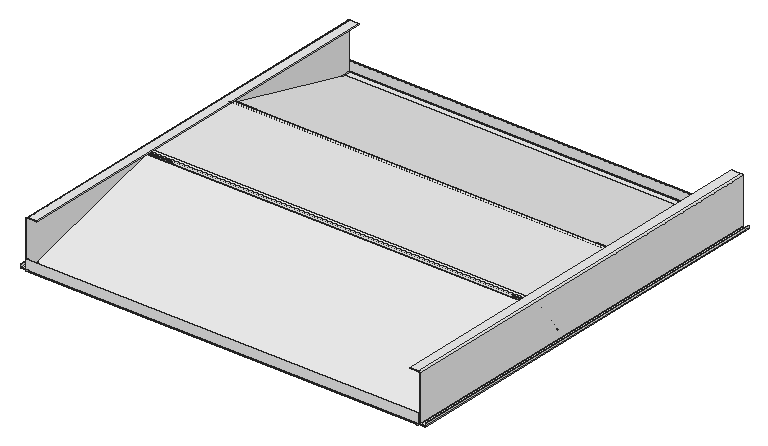
Revit family "LRTZ", category Lighting Fixtures, host Ceiling, Revit 2019
Family settings
  Host = Ceiling
  Round Connector Dimension = Use Diameter
  Part Type = Normal
  OmniClass Number = 23.80.70.11.14.17
  OmniClass Title = Direct/Indirect
  Always vertical = Yes
  Cut with Voids When Loaded = No
  Light Source = Yes
  Shared = No
  Room Calculation Point = No
Parameters (values of type "LRTZ2X2-LED840K020LUNV")
  Width = 1' - 11 3/4"
  Wattage = 21 W
  built-in parameter 1150110 = 1 (stored number, unit not read)
  Voltage = 120 V
  URL = "https://www.viscor.com/en/products/lrtz"
  built-in parameter 1114217 = 0.9 (stored number, unit not read)
  Tilt Angle = 90.00°
  built-in parameter 1150109 = 1 (stored number, unit not read)
  built-in parameter 1150134 = 12
  built-in parameter 1150113 = 1 (stored number, unit not read)
  Reflector Width = Width / 2  # 0' - 11 7/8"
  Photometric Web File = "LRTZ2x2-LED840K020LUNV-G001324.IES"
  Model = "LRTZ"  # constant formula
  Manufacturer = "VISIONEERING by VISCOR"  # constant formula
  Lumens = 2037 lm
  built-in parameter 1150115 = 1 (stored number, unit not read)
  built-in parameter 1150105 = 162.1 (stored number, unit not read)
  built-in parameter 1150137 = (empty or 0)
  built-in parameter 1150139 = (empty or 0)
  Lens Finish = Polycarbonate - Viscor - Frosted
  Length = 1' - 11 3/4"
  Lamp Wattage = 21 VA
  built-in parameter 1150112 = 1 (stored number, unit not read)
  built-in parameter 1150114 = 1 (stored number, unit not read)
  Lamp = "LED"  # constant formula
  built-in parameter 1150132 = (empty or 0)
  built-in parameter 1150102 = (empty or 0)
  built-in parameter 1150138 = (empty or 0)
  built-in parameter 1150107 = 4000 (stored number, unit not read)
  built-in parameter 1150106 = 1.621 (stored number, unit not read)
  Housing Finish = Metal - Viscor - White
  Emit from Rectangle Width = Width  # 1' - 11 3/4"
  Emit from Rectangle Length = Length  # 1' - 11 3/4"
  Emit Shape Visible in Rendering = no
  built-in parameter 1150104 = 9.0116 (stored number, unit not read)
  Dimming Lamp Color Temperature Shift = <None>
  Description = "LED Troffer Dished Lensed "  # constant formula
  Color Filter = 16777215
  built-in parameter 1114218 = 1 (stored number, unit not read)
  built-in parameter 1150133 = 10 (stored number, unit not read)
  Assembly Code = "D5020200"
  Apparent Load = Lamp Wattage  # 21 VA
Types (8): name | Width | Wattage | built-in parameter 1150134 | Reflector Width | Photometric Web File | Lumens | built-in parameter 1150105 | Length | Lamp Wattage | built-in parameter 1150107 | built-in parameter 1150106 | Emit from Rectangle Width | Emit from Rectangle Length | built-in parameter 1150104 | Apparent Load
  (no name) | 1' - 11 3/4" | 21 W | 12 | 0' - 11 7/8" | "LRTZ2x2-LED840K020LUNV-G001324.IES" | 2037 lm | 162.1 (stored number, unit not read) | 1' - 11 3/4" | 21 VA | 4000 (stored number, unit not read) | 1.621 (stored number, unit not read) | 1' - 11 3/4" | 1' - 11 3/4" | 9.0116 (stored number, unit not read) | 21 VA
  LRTZ2X2-LED840K020LUNV | 1' - 11 3/4" | 21 W | 12 | 0' - 11 7/8" | "LRTZ2x2-LED840K020LUNV-G001324.IES" | 2037 lm | 162.1 (stored number, unit not read) | 1' - 11 3/4" | 21 VA | 4000 (stored number, unit not read) | 1.621 (stored number, unit not read) | 1' - 11 3/4" | 1' - 11 3/4" | 9.0116 (stored number, unit not read) | 21 VA
  LRTZ2x4-LED840K040LUNV | 1' - 11 3/4" | 29 W | 12 | 0' - 11 7/8" | "LRTZ2x4-LED840K040LUNV-G002102.IES" | 3712 lm | 295.39 (stored number, unit not read) | 3' - 11 3/4" | 29 VA | 4000 (stored number, unit not read) | 2.9539 (stored number, unit not read) | 1' - 11 3/4" | 3' - 11 3/4" | 11.892 (stored number, unit not read) | 29 VA
  LRTZ2X2-LED840K032LUNV | 1' - 11 3/4" | 30 W | 12 | 0' - 11 7/8" | "LRTZ2x2-LED840K032LUNV-G001317.IES" | 3210 lm | 255.44 (stored number, unit not read) | 1' - 11 3/4" | 30 VA | 4000 (stored number, unit not read) | 2.5544 (stored number, unit not read) | 1' - 11 3/4" | 1' - 11 3/4" | 9.9406 (stored number, unit not read) | 30 VA
  LRTZ2X4-LED840K050LUNV | 1' - 11 3/4" | 36 W | 12 | 0' - 11 7/8" | "LRTZ2x4-LED840K050LUNV-G002152.IES" | 5040 lm | 401.07 (stored number, unit not read) | 3' - 11 3/4" | 36 VA | 4000 (stored number, unit not read) | 4.0107 (stored number, unit not read) | 1' - 11 3/4" | 3' - 11 3/4" | 13.006 (stored number, unit not read) | 36 VA
  LRTZ1X4-LED840K040LUNV | 0' - 11 3/4" | 29 W | 12 | 0' - 5 7/8" | "LRTZ1x4-LED840K040LUNV-G001815.IES" | 4002 lm | 318.47 (stored number, unit not read) | 3' - 11 3/4" | 29 VA | 4000 (stored number, unit not read) | 3.1847 (stored number, unit not read) | 0' - 11 3/4" | 3' - 11 3/4" | 12.821 (stored number, unit not read) | 29 VA
  LRTZ1X4-LED840K050LUNV | 0' - 11 3/4" | 36 W | 12 | 0' - 5 7/8" | "LRTZ1x4-LED840K050LUNV.ies" | 4968 lm | 395.34 (stored number, unit not read) | 3' - 11 3/4" | 36 VA | 4000 (stored number, unit not read) | 3.9534 (stored number, unit not read) | 0' - 11 3/4" | 3' - 11 3/4" | 12.821 (stored number, unit not read) | 36 VA
  LRTZ30X30-LED840K032LUNV | 2' - 5 3/4" | 30 W | (empty or 0) | 1' - 2 7/8" | "LRTZ30x30-LED835K032LUNV.IES" | 3840 lm | 305.58 (stored number, unit not read) | 2' - 5 3/4" | 30 VA | 3500 (stored number, unit not read) | 3.0558 (stored number, unit not read) | 2' - 5 3/4" | 2' - 5 3/4" | 11.892 (stored number, unit not read) | 30 VA
Reference planes (in)
  plane 1 "Light Source Axis (F/B)": y = 0
  plane 2 "Ceiling": z = 96
  plane 3 "Light Source Axis (L/R)": x = 0
  plane 4 "Light Source Elevation": z = 95.96875
  plane 5: y = 11.875
  plane 6: y = -11.875
  plane 7: x = -11.875
  plane 8: x = 11.875
  plane 9: x = -11.8125
  plane 10: x = 11.8125
  plane 11: x = -11.49
  plane 12: x = 11.49
  plane 13: y = 11.7755
  plane 14: x = -9.99
  plane 15: x = 9.99
  plane 16: y = -11.7755
Forms (in)
  Extrusion 1, void
    sketch origin (0, 0, 96) x (1, 0, 0) y (0, 1, 0)
      loop
        line (-11.875, -11.875) -> (11.875, -11.875) -> (11.875, 11.875) -> (-11.875, 11.875) -> (-11.875, -11.875)
    from -0.25733 to 3.07839
  Extrusion 2, solid, material "Metal - Viscor - White" <- "Housing Finish"
    sketch origin (0, 0, 0) x (1, 0, 0) y (0, 0, 1)
      loop
        line (-11.875, 96.187) -> (-11.875, 96.069)
        arc (-11.875, 96.069) -> (-11.85479, 96.02021) -> (-11.806, 96) r 0.069
        line (-11.806, 96) -> (-11.569, 96)
        arc (-11.569, 96) -> (-11.52021, 96.02021) -> (-11.5, 96.069) r 0.069
        line (-11.5, 96.069) -> (-11.5, 98.711)
        arc (-11.5, 98.711) -> (-11.48858, 98.73858) -> (-11.461, 98.75) r 0.039
        line (-11.461, 98.75) -> (-10.905, 98.75) -> (-10.905, 98.78125) -> (-11.461, 98.78125)
        arc (-11.461, 98.78125) -> (-11.51067, 98.76067) -> (-11.53125, 98.711) r 0.07025
        line (-11.53125, 98.711) -> (-11.53125, 96.069)
        arc (-11.53125, 96.069) -> (-11.54231, 96.04231) -> (-11.569, 96.03125) r 0.03775
        line (-11.569, 96.03125) -> (-11.806, 96.03125)
        arc (-11.806, 96.03125) -> (-11.83269, 96.04231) -> (-11.84375, 96.069) r 0.03775
        line (-11.84375, 96.069) -> (-11.84375, 96.187) -> (-11.875, 96.187)
    from -11.7755 to 11.7755
  Extrusion 3, solid, material "Metal - Viscor - White" <- "Housing Finish"
    sketch origin (0, 0, 0) x (-1, 0, 0) y (0, 0, -1)
      loop
        line (-11.875, -96.187) -> (-11.84375, -96.187) -> (-11.84375, -96.069)
        arc (-11.84375, -96.069) -> (-11.83269, -96.04231) -> (-11.806, -96.03125) r 0.03775
        line (-11.806, -96.03125) -> (-11.569, -96.03125)
        arc (-11.569, -96.03125) -> (-11.54231, -96.04231) -> (-11.53125, -96.069) r 0.03775
        line (-11.53125, -96.069) -> (-11.53125, -98.711)
        arc (-11.53125, -98.711) -> (-11.51067, -98.76067) -> (-11.461, -98.78125) r 0.07025
        line (-11.461, -98.78125) -> (-10.905, -98.78125) -> (-10.905, -98.75) -> (-11.461, -98.75)
        arc (-11.461, -98.75) -> (-11.48858, -98.73858) -> (-11.5, -98.711) r 0.039
        line (-11.5, -98.711) -> (-11.5, -96.069)
        arc (-11.5, -96.069) -> (-11.52021, -96.02021) -> (-11.569, -96) r 0.069
        line (-11.569, -96) -> (-11.806, -96)
        arc (-11.806, -96) -> (-11.85479, -96.02021) -> (-11.875, -96.069) r 0.069
        line (-11.875, -96.069) -> (-11.875, -96.187)
    from -11.7755 to 11.7755
  Extrusion 4, solid, material "Metal - Viscor - White" <- "Housing Finish"
    sketch origin (0, 0, 0) x (0, 1, 0) y (0, 0, 1)
      loop
        line (11.875, 96.069) -> (11.875, 96.625) -> (11.84375, 96.625) -> (11.84375, 96.069)
        arc (11.84375, 96.069) -> (11.83269, 96.04231) -> (11.806, 96.03125) r 0.03775
        line (11.806, 96.03125) -> (11.50407, 96.03125) -> (3.06111, 98.26648)
        arc (3.06111, 98.26648) -> (3.04351, 98.27685) -> (3.0339, 98.29487) r 0.03775
        line (3.0339, 98.29487) -> (2.99601, 98.4673)
        arc (2.99601, 98.4673) -> (2.97142, 98.50697) -> (2.9274, 98.52247) r 0.07025
        line (2.9274, 98.52247) -> (-2.9274, 98.52247)
        arc (-2.9274, 98.52247) -> (-2.97142, 98.50697) -> (-2.99601, 98.4673) r 0.07025
        line (-2.99601, 98.4673) -> (-3.0339, 98.29487)
        arc (-3.0339, 98.29487) -> (-3.04351, 98.27685) -> (-3.06111, 98.26648) r 0.03775
        line (-3.06111, 98.26648) -> (-11.50407, 96.03125) -> (-11.806, 96.03125)
        arc (-11.806, 96.03125) -> (-11.83269, 96.04231) -> (-11.84375, 96.069) r 0.03775
        line (-11.84375, 96.069) -> (-11.84375, 96.625) -> (-11.875, 96.625) -> (-11.875, 96.069)
        arc (-11.875, 96.069) -> (-11.85479, 96.02021) -> (-11.806, 96) r 0.069
        line (-11.806, 96) -> (-11.5, 96) -> (-3.05311, 98.23627)
        arc (-3.05311, 98.23627) -> (-3.02095, 98.25523) -> (-3.00337, 98.28816) r 0.069
        line (-3.00337, 98.28816) -> (-2.96549, 98.46059)
        arc (-2.96549, 98.46059) -> (-2.95184, 98.48261) -> (-2.9274, 98.49122) r 0.039
        line (-2.9274, 98.49122) -> (2.9274, 98.49122)
        arc (2.9274, 98.49122) -> (2.95184, 98.48261) -> (2.96549, 98.46059) r 0.039
        line (2.96549, 98.46059) -> (3.00337, 98.28816)
        arc (3.00337, 98.28816) -> (3.02095, 98.25523) -> (3.05311, 98.23627) r 0.069
        line (3.05311, 98.23627) -> (11.5, 96) -> (11.806, 96)
        arc (11.806, 96) -> (11.85479, 96.02021) -> (11.875, 96.069) r 0.069
    from -11.49 to 11.49
  Extrusion 5, solid, material "Metal - Viscor - White" <- "Housing Finish"
    sketch origin (0, 0, 0) x (0, 1, 0) y (0, 0, 1)
      loop
        line (1.54828, 96.29288) -> (3.12583, 98.41827) -> (3.10074, 98.4369) -> (1.52319, 96.3115)
        arc (1.52319, 96.3115) -> (1.50984, 96.30028) -> (1.49288, 96.29625) r 0.03775
        line (1.49288, 96.29625) -> (-1.49288, 96.29625)
        arc (-1.49288, 96.29625) -> (-1.50984, 96.30028) -> (-1.52319, 96.3115) r 0.03775
        line (-1.52319, 96.3115) -> (-3.10074, 98.4369) -> (-3.12583, 98.41827) -> (-1.54828, 96.29288)
        arc (-1.54828, 96.29288) -> (-1.52389, 96.27236) -> (-1.49288, 96.265) r 0.069
        line (-1.49288, 96.265) -> (1.49288, 96.265)
        arc (1.49288, 96.265) -> (1.52389, 96.27236) -> (1.54828, 96.29288) r 0.069
    from -11.49 to -9.99
  Extrusion 6, solid, material "Metal - Viscor - White" <- "Housing Finish"
    sketch origin (0, 0, 0) x (0, 1, 0) y (0, 0, -1)
      loop
        arc (1.54828, -96.29288) -> (1.52389, -96.27236) -> (1.49288, -96.265) r 0.069
        line (1.49288, -96.265) -> (-1.49288, -96.265)
        arc (-1.49288, -96.265) -> (-1.52389, -96.27236) -> (-1.54828, -96.29288) r 0.069
        line (-1.54828, -96.29288) -> (-3.12583, -98.41827) -> (-3.10074, -98.4369) -> (-1.52319, -96.3115)
        arc (-1.52319, -96.3115) -> (-1.50984, -96.30028) -> (-1.49288, -96.29625) r 0.03775
        line (-1.49288, -96.29625) -> (1.49288, -96.29625)
        arc (1.49288, -96.29625) -> (1.50984, -96.30028) -> (1.52319, -96.3115) r 0.03775
        line (1.52319, -96.3115) -> (3.10074, -98.4369) -> (3.12583, -98.41827) -> (1.54828, -96.29288)
    from -11.49 to -9.99
  Extrusion 7, solid, material "Polycarbonate - Viscor - Frosted" <- "Lens Finish"
    sketch origin (0, 0, 0) x (0, 1, 0) y (0, 0, 1)
      loop
        line (2.99172, 98.34435) -> (2.96012, 98.36731) -> (1.50786, 96.36844)
        arc (1.50786, 96.36844) -> (1.49332, 96.35602) -> (1.47474, 96.35156) r 0.04094
        line (1.47474, 96.35156) -> (-1.47474, 96.35156)
        arc (-1.47474, 96.35156) -> (-1.49332, 96.35602) -> (-1.50786, 96.36844) r 0.04094
        line (-1.50786, 96.36844) -> (-2.96012, 98.36731) -> (-2.99172, 98.34435) -> (-1.53946, 96.34548)
        arc (-1.53946, 96.34548) -> (-1.51106, 96.32122) -> (-1.47474, 96.3125) r 0.08
        line (-1.47474, 96.3125) -> (1.47474, 96.3125)
        arc (1.47474, 96.3125) -> (1.51106, 96.32122) -> (1.53946, 96.34548) r 0.08
        line (1.53946, 96.34548) -> (2.99172, 98.34435)
    from -11.49 to 11.49
Dimensions and locks (in)
  equal spacing: host sketch curve, plane 3 "Light Source Axis (L/R)", host sketch curve
  equal spacing: host sketch curve, plane 1 "Light Source Axis (F/B)", host sketch curve
  host sketch curve to host sketch curve = 10' - 0"  (x2)
  equal spacing: plane 7, plane 3 "Light Source Axis (L/R)", plane 8
  "Length": plane 7 to plane 8
  equal spacing: plane 5, plane 1 "Light Source Axis (F/B)", plane 6
  "Width": plane 5 to plane 6
  plane 4 "Light Source Elevation" to plane 2 "Ceiling" = 0' - 0 1/32"
  locked: plane 7 to plane 9 at 0.0625
  locked: plane 10 to plane 8 at 0.0625
  locked: plane 5 to plane 13 at 0.0995
  locked: plane 12 to plane 8 at 0.385
  locked: plane 7 to plane 11 at 0.385
  locked: plane 11 to plane 14 at 1.5
  locked: plane 15 to plane 12 at 1.5
  locked: plane 16 to plane 6 at 0.0995
  aligned and locked: plane 3 "Light Source Axis (L/R)" to imposter light
  aligned and locked: plane 1 "Light Source Axis (F/B)" to imposter light
  aligned and locked: plane 4 "Light Source Elevation" to imposter light
  aligned and locked: Extrusion 1 to imposter light
  aligned and locked: Extrusion 1 to plane 7
  aligned and locked: plane 8 to Extrusion 1
  aligned and locked: plane 13 to Extrusion 2
  aligned and locked: plane 13 to Extrusion 3
  aligned and locked: Extrusion 2 to plane 16
  aligned and locked: Extrusion 3 to plane 16
  aligned and locked: Extrusion 4 to plane 11
  aligned and locked: plane 12 to Extrusion 4
  aligned and locked: Extrusion 5 to plane 11
  aligned and locked: plane 14 to Extrusion 5
  aligned and locked: plane 12 to Extrusion 6
  aligned and locked: Extrusion 6 to plane 15
  aligned and locked: Extrusion 7 to plane 11
  aligned and locked: plane 12 to Extrusion 7
Automatic sketch dimensions
  Extrusion 1 sketch curve to plane 5 = 0' - 0"
  Extrusion 1 sketch curve to plane 7 = 0' - 0"
  Extrusion 1 sketch curve to plane 8 = 0' - 0"
  Extrusion 1 sketch curve to plane 6 = 0' - 0"
  Extrusion 2 sketch curve to Extrusion 2 sketch curve = 0' - 0"  (x6)
  Extrusion 2 sketch curve to plane 7 = 0' - 0"
  Extrusion 2 sketch curve to plane 2 "Ceiling" = 0' - 0"
  plane 7 to Extrusion 2 sketch curve = 0' - 0 1/32"
  plane 9 to Extrusion 2 sketch curve = 0' - 0.0065"
  Extrusion 2 sketch curve to plane 11 = 0' - 0.079"
  Extrusion 2 sketch curve to Extrusion 2 sketch curve = 0' - 0.03775"
  plane 11 to Extrusion 2 sketch curve = 0' - 0.029"
  Extrusion 2 sketch curve to Extrusion 2 sketch curve = 0' - 0.556"
  Extrusion 2 sketch curve to Extrusion 2 sketch curve = 0' - 0.118"
  Extrusion 2 sketch curve to Extrusion 2 sketch curve = 0' - 2.524"
  Extrusion 3 sketch curve to Extrusion 3 sketch curve = 0' - 0"  (x6)
  Extrusion 3 sketch curve to plane 8 = 0' - 0"
  Extrusion 3 sketch curve to plane 2 "Ceiling" = 0' - 0"
  plane 8 to Extrusion 3 sketch curve = 0' - 0 1/32"
  plane 10 to Extrusion 3 sketch curve = 0' - 0.0065"
  Extrusion 3 sketch curve to plane 12 = 0' - 0.079"
  Extrusion 3 sketch curve to Extrusion 3 sketch curve = 0' - 0.03775"
  plane 12 to Extrusion 3 sketch curve = 0' - 0.029"
  Extrusion 3 sketch curve to Extrusion 3 sketch curve = 0' - 0.556"
  Extrusion 3 sketch curve to Extrusion 3 sketch curve = 0' - 0.118"
  Extrusion 3 sketch curve to Extrusion 3 sketch curve = 0' - 2.524"
  Extrusion 4 sketch curve to Extrusion 4 sketch curve = 0' - 0"  (x12)
  Extrusion 4 sketch curve to plane 6 = 0' - 0"
  Extrusion 4 sketch curve to plane 2 "Ceiling" = 0' - 0"  (x2)
  Extrusion 4 sketch curve to plane 5 = 0' - 0"
  plane 6 to Extrusion 4 sketch curve = 0' - 0 1/32"
  Extrusion 4 sketch curve to plane 16 = 0' - 0.0305"
  plane 16 to Extrusion 4 sketch curve = 0' - 0.27143"
  Extrusion 4 sketch curve to Extrusion 4 sketch curve = 0' - 0.00407"  (x2)
  plane 1 "Light Source Axis (F/B)" to Extrusion 4 sketch curve = 0' - 3.07077"
  Extrusion 4 sketch curve to Extrusion 4 sketch curve = 0' - 0.00966"  (x2)
  plane 2 "Ceiling" to Extrusion 4 sketch curve = 0' - 2.23627"
  Extrusion 4 sketch curve to Extrusion 4 sketch curve = 0' - 0.008"  (x2)
  Extrusion 4 sketch curve to Extrusion 4 sketch curve = 0' - 0.03687"
  plane 2 "Ceiling" to Extrusion 4 sketch curve = 0' - 2.28816"
  Extrusion 4 sketch curve to Extrusion 4 sketch curve = 0' - 0.03052"  (x4)
  Extrusion 4 sketch curve to Extrusion 4 sketch curve = 0' - 0.03789"  (x2)
  Extrusion 4 sketch curve to Extrusion 4 sketch curve = 0' - 0.03809"  (x2)
  Extrusion 4 sketch curve to plane 1 "Light Source Axis (F/B)" = 0' - 2.9274"
  plane 2 "Ceiling" to Extrusion 4 sketch curve = 0' - 2.4673"
  Extrusion 4 sketch curve to Extrusion 4 sketch curve = 0' - 0.01921"
  Extrusion 4 sketch curve to plane 13 = 0' - 0.2755"
  plane 2 "Ceiling" to Extrusion 4 sketch curve = 0' - 0 1/32"
  plane 13 to Extrusion 4 sketch curve = 0' - 0.0305"
  Extrusion 4 sketch curve to Extrusion 4 sketch curve = 0' - 0.556"  (x2)
  Extrusion 4 sketch curve to Extrusion 4 sketch curve = 0' - 0.23103"
  Extrusion 4 sketch curve to Extrusion 4 sketch curve = 0' - 0.03021"  (x2)
  Extrusion 4 sketch curve to Extrusion 4 sketch curve = 0' - 0.02169"
  Extrusion 4 sketch curve to Extrusion 4 sketch curve = 0' - 0 21/128"
  Extrusion 4 sketch curve to Extrusion 4 sketch curve = 0' - 0.01508"
  Extrusion 4 sketch curve to Extrusion 4 sketch curve = 0' - 0.00671"
  Extrusion 5 sketch curve to Extrusion 5 sketch curve = 0' - 0"  (x4)
  plane 1 "Light Source Axis (F/B)" to Extrusion 5 sketch curve = 0' - 3.12583"
  Extrusion 5 sketch curve to Extrusion 5 sketch curve = 0' - 0.02509"  (x2)
  plane 2 "Ceiling" to Extrusion 5 sketch curve = 0' - 0.29288"  (x2)
  plane 1 "Light Source Axis (F/B)" to Extrusion 5 sketch curve = 0' - 1.54828"
  plane 2 "Ceiling" to Extrusion 5 sketch curve = 0' - 0.3115"  (x2)
  Extrusion 5 sketch curve to Extrusion 5 sketch curve = 0' - 0.03031"  (x2)
  Extrusion 5 sketch curve to plane 1 "Light Source Axis (F/B)" = 0' - 1.49288"
  Extrusion 5 sketch curve to Extrusion 5 sketch curve = 0' - 1.57755"
  plane 2 "Ceiling" to Extrusion 5 sketch curve = 0' - 2.41827"
  Extrusion 5 sketch curve to Extrusion 5 sketch curve = 0' - 0.0465"
  Extrusion 6 sketch curve to Extrusion 6 sketch curve = 0' - 0"  (x4)
  plane 1 "Light Source Axis (F/B)" to Extrusion 6 sketch curve = 0' - 3.12583"
  Extrusion 6 sketch curve to Extrusion 6 sketch curve = 0' - 0.02509"  (x2)
  plane 2 "Ceiling" to Extrusion 6 sketch curve = 0' - 0.29288"  (x2)
  plane 1 "Light Source Axis (F/B)" to Extrusion 6 sketch curve = 0' - 1.54828"
  plane 2 "Ceiling" to Extrusion 6 sketch curve = 0' - 0.3115"  (x2)
  Extrusion 6 sketch curve to Extrusion 6 sketch curve = 0' - 0.03031"  (x2)
  Extrusion 6 sketch curve to plane 1 "Light Source Axis (F/B)" = 0' - 1.49288"
  Extrusion 6 sketch curve to Extrusion 6 sketch curve = 0' - 1.57755"
  plane 2 "Ceiling" to Extrusion 6 sketch curve = 0' - 2.41827"
  Extrusion 6 sketch curve to Extrusion 6 sketch curve = 0' - 0.0225"
  Extrusion 7 sketch curve to Extrusion 7 sketch curve = 0' - 0"  (x4)
  plane 2 "Ceiling" to Extrusion 7 sketch curve = 0' - 0.34548"  (x2)
  plane 1 "Light Source Axis (F/B)" to Extrusion 7 sketch curve = 0' - 1.53946"
  Extrusion 7 sketch curve to Extrusion 7 sketch curve = 0' - 0.0316"  (x2)
  Extrusion 7 sketch curve to Extrusion 7 sketch curve = 0' - 0.03312"  (x2)
  Extrusion 7 sketch curve to plane 1 "Light Source Axis (F/B)" = 0' - 1.47474"
  plane 2 "Ceiling" to Extrusion 7 sketch curve = 0' - 0.36844"
  Extrusion 7 sketch curve to Extrusion 7 sketch curve = 0' - 1.45226"  (x2)
  plane 2 "Ceiling" to Extrusion 7 sketch curve = 0' - 2.34435"
  Extrusion 7 sketch curve to Extrusion 7 sketch curve = 0' - 0.05594"
  Extrusion 7 sketch curve to Extrusion 7 sketch curve = 0' - 0.02296"
Connectors (in)
  electrical at (0, 0, 96), driven by "Voltage", driven by "Apparent Load"
    settings: index 1, voltage 120 V, apparent load 0 VA, apparent load phase1 21 VA, apparent load phase2 0 VA, apparent load phase3 0 VA, power factor 1, load classification "Other", number of poles 1, system type 31, power factor state 1, is connector primary yes, connector utility no, sub classification motor no, connector description ""
